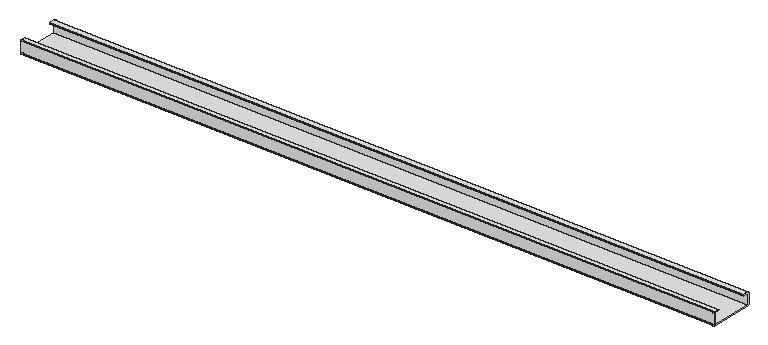
Revit family "profiles PR827 2015", category Generic Models, Revit 2015
Parameters (values of type "ISOLAMIN PR827 flashing")
  Profile Length [instance] = 1180 mm
Reference planes
  plane 1 "Center (Front/Back)": y = 0
  plane 2: z = 0
  plane 3 "Center (Left/Right)": x = 0
  plane 4: x = 1180
Forms (mm)
  Extrusion 1, solid, material "ISOLAMIN Surface Material"
    sketch origin (0, 64.232, -71.971) x (0, 1, 0) y (0, 0, 1)
      loop
        arc (-65.482, 71.85) -> (-64.775, 72.143) -> (-64.482, 72.85) r 1
        line (-64.482, 72.85) -> (-64.482, 90.85)
        arc (-64.482, 90.85) -> (-64.775, 91.557) -> (-65.482, 91.85) r 1
        line (-65.482, 91.85) -> (-74.482, 91.85) -> (-74.482, 90.85) -> (-65.482, 90.85) -> (-65.482, 72.85) -> (-135.482, 72.85) -> (-135.482, 91.143) -> (-126.482, 91.143) -> (-126.482, 92.143) -> (-135.482, 92.143)
        arc (-135.482, 92.143) -> (-136.189, 91.85) -> (-136.482, 91.143) r 1
        line (-136.482, 91.143) -> (-136.482, 72.85)
        arc (-136.482, 72.85) -> (-136.189, 72.143) -> (-135.482, 71.85) r 1
        line (-135.482, 71.85) -> (-65.482, 71.85)
    from 0 to 1180
Dimensions and locks
  "Profile Length": plane 3 "Center (Left/Right)" to plane 4
  aligned and locked: level to plane 2
  aligned and locked: plane 4 to Extrusion 1
Automatic sketch dimensions
  plane 1 "Center (Front/Back)" to Extrusion 1 sketch curve = 1.25 mm
  level to Extrusion 1 sketch curve = 0.879 mm
  Extrusion 1 sketch curve to Extrusion 1 sketch curve = 70 mm
  Extrusion 1 sketch curve to Extrusion 1 sketch curve = 0 mm  (x8)
  Extrusion 1 sketch curve to Extrusion 1 sketch curve = 1 mm
  Extrusion 1 sketch curve to Extrusion 1 sketch curve = 18 mm
  Extrusion 1 sketch curve to Extrusion 1 sketch curve = 9 mm  (x2)
  Extrusion 1 sketch curve to Extrusion 1 sketch curve = 18.293 mm
